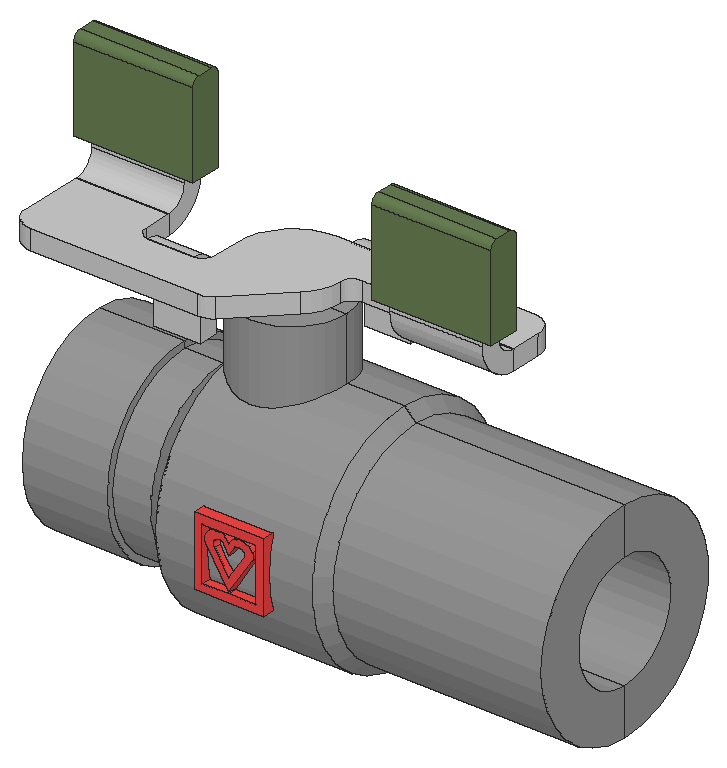
Revit family "Шаровой кран с маховиком бабочка и обратным клапаном 2110", category Rohrzubehör, Revit 2018
Family settings
  Bemaßung runder Anschluss = Durchmesser verwenden
  Teiletyp = Unterbricht
  OmniClass-Nummer = 23.65.55.14
  OmniClass-Titel = Valves for Liquid Services
  Arbeitsebenenbasiert = Nein
  Immer vertikal = Ja
  Beim Laden mit Abzugskörper schneiden = Nein
  Gemeinsam genutzt = Nein
Parameters
  Шпиндель = "латунь в соответствии с EN 12164, CW614N"  # constant formula
  Шар = "штампованная латунь, устойчивая к селективной цинковой коррозии, согласно EN 12165, хромированный полнопроходной шар, CW626N"  # constant formula
  Уплотнение шпинделя = "EPDM"  # constant formula
  Уплотнение шара = "PTFE"  # constant formula
  Среда = "Питьевая вода"  # constant formula
  Рукоятка = "маховик бабочка, цвет - зеленый, оцинкованная сталь"  # constant formula
  Резьба = "согласно  ISO 228"  # constant formula
  Примечание = "В соответствии со статьей 33 Регламента REACH (Registration; Evaluation; Authorisation; Restriction of Chemicals) (EC № 1907/2006) мы обязаны указать, что свинец внесен в список SVHC (Substances of Very High Concern - вещества очень высокой важности) и весовой процент свинца во всех латунных компонентах заводского изготовления в наших изделиях, превышает 0,1 % (w/w) (CAS: 7439-92-1 / EINECS: 231-100-4).\r\nПоскольку свинец является легирующим компонентом сплава, прямое негативное влияние исключается, и поэтому дополнительной информации о безопасном использовании не требуется."
  Область применения = "Шаровой кран с маховиком \"бабочка\" и обратным клапаном применяется в системах питьевого водоснабжения и служит запорным устройством.\r\nКак правило, шаровые краны используются в системах для надежного перекрытия трубопровода.\r\nОбратный клапан гарантирует движение потока только в одном направлении, указанном стрелкой на корпусе крана."
  Номер заказа [instance] = size_lookup("2110_0X_", "Artnr", 0, Nennweite)  # 2211001
  Мин. рабочая температура (вода) = 0.5 °C  # constant formula
  Мин. рабочая температура = -10 °C  # constant formula
  Макс. рабочее давление = 2500000.0 Pa  # constant formula
  Макс. рабочая температура = 85 °C  # constant formula
  Корпус = "штампованная латунь, устойчивая к селективной цинковой коррозии, согласно EN 12165, CW626N"  # constant formula
  W01 = 45.00°  # constant formula
  URL = "www.herz-armaturen.ru"
  SC_NennweiteBerechnet = 0
  SC_Dimension = ""
  SCTWSEQ = "FW;SBT_TYP_FW=\"102\";2"
  SCTWCODE = "04;04;02"  # constant formula
  S04 = 5.000 mm  # constant formula
  S03 [instance] = D04 - 2.000 mm  # 11.500 mm
  S02 [instance] = L01 + 4.500 mm  # 38.500 mm
  S01 [instance] = D04 * 2  # 27.000 mm
  R01 = 7.000 mm  # constant formula
  O-Ring обратного клапана = "силикон"  # constant formula
  Nennweite [instance] = 15.000 mm
  L05 [instance] = size_lookup("2110_0X_", "L5", 1.000 mm, Nennweite)  # 25.000 mm
  L04 [instance] = size_lookup("2110_0X_", "L4", 1.000 mm, Nennweite)  # 27.000 mm
  L03 = 5.000 mm  # constant formula
  L02 [instance] = size_lookup("2110_0X_", "L2", 1.000 mm, Nennweite)  # 11.000 mm
  L01 [instance] = size_lookup("2110_0X_", "L1", 1.000 mm, Nennweite)  # 34.000 mm
  IG [instance] = Nennweite / 2  # 7.500 mm
  Hersteller = "HERZ Armaturen Ges.m.b.H."  # constant formula
  H01 [instance] = size_lookup("2110_0X_", "H1", 1.000 mm, Nennweite)  # 23.000 mm
  Корпус обратного клапана = "POM"  # constant formula
  GT [instance] = size_lookup("2110_0X_", "GT", 1.000 mm, Nennweite)  # 10.000 mm
  DN15-DN20 [instance] = if(Nennweite = 15.000 mm, 42.000 mm, 46.000 mm)  # 42.000 mm
  D04 [instance] = size_lookup("2110_0X_", "D4", 1.000 mm, Nennweite)  # 13.500 mm
  D03 [instance] = size_lookup("2110_0X_", "D3", 1.000 mm, Nennweite)  # 15.000 mm
  D02 [instance] = size_lookup("2110_0X_", "D2", 1.000 mm, Nennweite)  # 11.700 mm
  D01 [instance] = size_lookup("2110_0X_", "D1", 1.000 mm, Nennweite)  # 12.500 mm
Reference planes
  plane 1 "Mitte (Vorne/hinten)": y = 0
  plane 2: z = 0
  plane 3 "Mitte (Links/rechts)": x = 0
Forms (mm)
  Revolve 1, solid, material "Messing, weicher Gelbton, geschweißt", detail levels fine
    sketch origin (0, 0, 0) x (1, 0, 0) y (0, 0, 1)
      loop
        line (-24, 0) -> (24, 0) -> (24, 7.5) -> (34, 7.5) -> (34, 13.5) -> (7, 13.5) -> (5.5, 15) -> (-14.7, 15) -> (-18, 11.7) -> (-23, 11.7) -> (-23, 12.5) -> (-34, 12.5) -> (-34, 7.5) -> (-24, 7.5) -> (-24, 0)
      axis (-34, 0) -> (34, 0)
    angle from 0 to 360
  Revolve 2, solid, material "Messing, weicher Gelbton, geschweißt", detail levels fine
    sketch origin (0, 0, 0) x (1, 0, 0) y (0, 0, 1)
      loop
        line (-5.588, 0) -> (-5.588, 8) -> (-2, 8) -> (-2, 23) -> (-9, 23) -> (-9, 0) -> (-5.588, 0)
      axis (-9, 0) -> (-9, 23)
    angle from 0 to 360
Lines and regions (mm)
  model lines, detail levels coarse+medium
    curve 1: line (-34, 0, 13.5) -> (-34, 0, -13.5)
    curve 2: line (-34, 0, -13.5) -> (4.5, 0, 13.5)
    curve 3: line (4.5, 0, 13.5) -> (4.5, 0, -13.5)
    curve 4: line (4.5, 0, -13.5) -> (-34, 0, 13.5)
    curve 5: circle (-14.75, 0, 0) r 11.5 normal (0, -1, 0)
    curve 6: line (4.5, 0, 13.5) -> (34, 0, -13.5)
    curve 7: line (34, 0, -13.5) -> (34, 0, 13.5)
    curve 8: circle (4.5, 0, 13.5) r 5 normal (0, -1, 0)
    curve 9: line (-34, 13.5, 0) -> (-34, -13.5, 0)
    curve 10: line (-34, -13.5, 0) -> (4.5, 13.5, 0)
    curve 11: line (4.5, 13.5, 0) -> (4.5, -13.5, 0)
    curve 12: line (4.5, -13.5, 0) -> (-34, 13.5, 0)
    curve 13: line (4.5, 13.5, 0) -> (34, -13.5, 0)
    curve 14: line (34, -13.5, 0) -> (34, 13.5, 0)
    curve 15: circle (4.5, 13.5, 0) r 5 normal (0, 0, 1)
    curve 16: circle (-14.75, 0, 0) r 11.5 normal (0, 0, 1)
Dimensions and locks
  "L01": plane 3 "Mitte (Links/rechts)" to Revolve 1 sketch curve
  "L01": Revolve 1 sketch curve to plane 3 "Mitte (Links/rechts)"
  "L02": Revolve 1 sketch curve to Revolve 1 sketch curve
  "L03": Revolve 1 sketch curve to Revolve 1 sketch curve
  "D01": Revolve 1 sketch curve to plane 2
  "D02": Revolve 1 sketch curve to plane 2
  "D03": Revolve 1 sketch curve to plane 2
  "L04": Revolve 1 sketch curve to Revolve 1 sketch curve
  "D04": Revolve 1 sketch curve to plane 2
  "GT": Revolve 1 sketch curve to Revolve 1 sketch curve  (x2)
  "IG": Revolve 1 sketch curve to plane 2  (x2)
  "L05": Revolve 1 to Revolve 2 sketch curve  (x2)
  "H01": Revolve 2 sketch curve to plane 2
  "R01": Revolve 2 sketch curve to Revolve 2 sketch curve
  Revolve 2 sketch curve to plane 2 = 8.000 mm
  equal spacing: Revolve 1, nested 1, Revolve 1
  "D03": nested 1 to plane 1 "Mitte (Vorne/hinten)"
  equal spacing: curve 4, plane 2, curve 2
  "S01": curve 4 to curve 2
  "L01": plane 3 "Mitte (Links/rechts)" to curve 1
  equal spacing: curve 3, plane 2, curve 4
  "S01": curve 4 to curve 3
  "S02": curve 1 to curve 3
  equal spacing: curve 1, curve 5, curve 3
  "S02": curve 1 to curve 8
  "L01": curve 7 to plane 3 "Mitte (Links/rechts)"
  equal spacing: curve 7, plane 2, curve 7
  "S01": curve 7 to curve 7
  equal spacing: curve 10, plane 1 "Mitte (Vorne/hinten)", curve 12
  equal spacing: curve 12, plane 1 "Mitte (Vorne/hinten)", curve 13
  equal spacing: curve 14, plane 1 "Mitte (Vorne/hinten)", curve 14
  "L01": curve 9 to plane 3 "Mitte (Links/rechts)"
  "S02": curve 9 to curve 11
  "S02": curve 9 to curve 15
  "L01": plane 3 "Mitte (Links/rechts)" to curve 14
  "S01": curve 12 to curve 9
  "S01": curve 13 to curve 12
  "S01": curve 14 to curve 14
  equal spacing: curve 9, curve 16, curve 11
  "L05": Revolve 1 to nested 2
  "DN15-DN20": nested 2 to plane 2
  "S03": radius of curve 5
  "S04": radius of curve 8
  "S04": radius of curve 15
  "S03": radius of curve 16
  "W01": angle Revolve 1 sketch curve to Revolve 1 sketch curve  (x2)
  aligned and locked: level to plane 2
Automatic sketch dimensions
  curve 5 to level = 0.000 mm
  curve 8 to curve 2 = 0.000 mm
  plane 1 "Mitte (Vorne/hinten)" to curve 16 = 0.000 mm
  curve 15 to curve 10 = 0.000 mm
  Revolve 1 sketch curve to level = 0.000 mm  (x2)
  Revolve 1 sketch curve to Revolve 1 sketch curve = 1490.843 mm
  Revolve 1 sketch curve to Revolve 1 sketch curve = 1823.461 mm
  Revolve 2 sketch curve to level = 0.000 mm  (x2)
  Revolve 2 sketch curve to Revolve 2 sketch curve = 3.588 mm
  Revolve 2 sketch curve to Revolve 2 sketch curve = 0.000 mm
Nested families
  nested 1: "Herz-Logo-vorne" at (-4.6, -15, 0) x (0, 1, 0) z (0, 0, 1), type "Herz-Logo-vorne", detail levels fine
  nested 2: "Flügelgriff (Grün) DN15-DN20" at (-9, 0, 24), type "Flügelgriff (Grün) DN15-DN20"
Connectors
  piping at (-24, 0, 0), diameter 15, driven by "Nennweite"
    settings: on Revolve 1, index 1, connector inside diameter 609.6 mm, connector length 0.000 mm, flow factor 0, pipe flow 0.0 L/s, pressure drop 0.0 Pa, fitting loss kfactor 0, connector angle 0.00°, fixture units 0, engagement length 0.000 mm, angle of deflection 0.00°, flow configuration 0, flow direction 1, fitting loss method 0, system type 29, joint type 0, gender type 0, connector reference index -1, connector utility 0, adjustable connector no, is connector primary yes, connector description ""
  piping at (24, 0, 0), diameter 15, driven by "Nennweite"
    settings: on Revolve 1, index 2, connector inside diameter 609.6 mm, connector length 0.000 mm, flow factor 0, pipe flow 0.0 L/s, pressure drop 0.0 Pa, fitting loss kfactor 0, connector angle 0.00°, fixture units 0, engagement length 0.000 mm, angle of deflection 0.00°, flow configuration 0, flow direction 2, fitting loss method 0, system type 29, joint type 0, gender type 0, connector reference index -1, connector utility 0, adjustable connector no, is connector primary no, connector description ""
Definition of nested family "Herz-Logo-vorne"
  Reference planes
    plane 1 "Mitte (Vorne/hinten)": y = 0
    plane 2: z = 0
    plane 3 "Mitte (Links/rechts)": x = 0
  Forms (mm)
    Extrusion 1, solid
      sketch origin (0.732, -0.018, 0.017) x (0, -1, 0) y (0, 0, 1)
        loop
          line (-0.018, -4.517) -> (4.482, -4.517) -> (4.482, 4.483) -> (-4.518, 4.483) -> (-4.518, -4.517) -> (-0.018, -4.517)
        loop
          line (-0.05, -3.48) -> (3.482, -3.48) -> (3.482, 3.483) -> (-3.518, 3.483) -> (-3.518, -3.48) -> (-0.05, -3.48)
        loop
          arc (-0.018, 2.383) -> (-1.543, 3.287) -> (-3.067, 2.383) r 1.738
          arc (-3.067, 2.383) -> (-3.191, 1.899) -> (-3.067, 1.415) r 1.009
          line (-3.067, 1.415) -> (-0.018, -3.281) -> (3.032, 1.415)
          arc (3.032, 1.415) -> (3.156, 1.899) -> (3.032, 2.383) r 1.009
          arc (3.032, 2.383) -> (1.507, 3.287) -> (-0.018, 2.383) r 1.738
        loop
          arc (1.885, 1.272) -> (2.005, 1.675) -> (1.885, 2.079) r 0.74
          arc (1.885, 2.079) -> (1.265, 2.416) -> (0.644, 2.079) r 0.74
          line (0.644, 2.079) -> (-0.018, 0.97) -> (-0.679, 2.079)
          arc (-0.679, 2.079) -> (-1.3, 2.416) -> (-1.921, 2.079) r 0.74
          arc (-1.921, 2.079) -> (-2.04, 1.675) -> (-1.921, 1.272) r 0.74
          line (-1.921, 1.272) -> (-0.018, -1.658) -> (1.885, 1.272)
      from 0 to 1.5
  Dimensions and locks
    aligned and locked: level to plane 2
Definition of nested family "Flügelgriff (Grün) DN15-DN20"
  Reference planes
    plane 1 "Mitte (Vorne/hinten)": y = 0
    plane 2: z = 0
    plane 3 "Mitte (Links/rechts)": x = 0
  Forms (mm)
    Extrusion 1, solid, detail levels fine
      sketch origin (0, 0, 0) x (1, 0, 0) y (0, 1, 0)
        loop
          line (-7, 0) -> (-7, -3.8)
          arc (-7, -3.8) -> (-7.439, -4.861) -> (-8.5, -5.3) r 1.5
          line (-8.5, -5.3) -> (-14.5, -5.3)
          arc (-14.5, -5.3) -> (-15.561, -4.861) -> (-16, -3.8) r 1.5
          line (-16, -3.8) -> (-16, 0) -> (-28, 0) -> (-28, -8.1)
          arc (-28, -8.1) -> (-27.121, -10.221) -> (-25, -11.1) r 3
          line (-25, -11.1) -> (-3.453, -11.1)
          arc (-3.453, -11.1) -> (-2.496, -10.91) -> (-1.685, -10.368) r 2.5
          line (-1.685, -10.368) -> (4.443, -4.24)
          arc (4.443, -4.24) -> (5.743, -2.295) -> (6.2, 0) r 6
          arc (6.2, 0) -> (6.64, 1.06) -> (7.7, 1.499) r 1.5
          line (7.7, 1.499) -> (15.1, 1.499)
          arc (15.1, 1.499) -> (16.16, 1.06) -> (16.6, 0) r 1.5
          line (16.6, 0) -> (28.6, 0) -> (28.6, 4)
          arc (28.6, 4) -> (27.721, 6.121) -> (25.6, 7) r 3
          line (25.6, 7) -> (0, 7)
          arc (0, 7) -> (-4.95, 4.95) -> (-7, 0) r 7
      from 0 to 2.5
    Extrusion 2, solid, detail levels fine
      sketch origin (0, 0, 0) x (0, 1, 0) y (0, 0, 1)
        loop
          arc (2.5, 5) -> (1.768, 3.232) -> (0, 2.5) r 2.5
          line (0, 2.5) -> (0, 0)
          arc (0, 0) -> (3.536, 1.464) -> (5, 5) r 5
          line (5, 5) -> (5, 6) -> (2.5, 6) -> (2.5, 5)
      from -28 to -16
    Extrusion 3, solid, detail levels fine
      sketch origin (0, 5.3, 0) x (0, 1, 0) y (0, 0, 1)
        loop
          line (-7.8, 5) -> (-7.8, 6) -> (-10.3, 6) -> (-10.3, 5)
          arc (-10.3, 5) -> (-8.836, 1.464) -> (-5.3, 0) r 5
          line (-5.3, 0) -> (-5.3, 2.5)
          arc (-5.3, 2.5) -> (-7.068, 3.232) -> (-7.8, 5) r 2.5
      from 16.6 to 28.6
    Extrusion 4, solid, detail levels fine
      sketch origin (0, 0, 0) x (0, 1, 0) y (0, 0, 1)
        loop
          line (5.75, 6) -> (5.75, 17.041)
          arc (5.75, 17.041) -> (5.469, 17.719) -> (4.791, 18) r 0.959
          line (4.791, 18) -> (2.773, 18)
          arc (2.773, 18) -> (2.05, 17.7) -> (1.75, 16.977) r 1.023
          line (1.75, 16.977) -> (1.75, 6) -> (5.75, 6)
      from -29.7 to -14.3
    Extrusion 5, solid, detail levels fine
      sketch origin (0, 0, 0) x (0, 1, 0) y (0, 0, 1)
        loop
          line (-5.75, 6) -> (-1.75, 6) -> (-1.75, 17)
          arc (-1.75, 17) -> (-2.043, 17.707) -> (-2.75, 18) r 1
          line (-2.75, 18) -> (-4.75, 18)
          arc (-4.75, 18) -> (-5.457, 17.707) -> (-5.75, 17) r 1
          line (-5.75, 17) -> (-5.75, 6)
      from 30.3 to 14.9
    Extrusion 6, solid, detail levels fine
      sketch origin (0, 0, 0) x (0, 1, 0) y (0, 0, 1)
        loop
          line (9, -2) -> (9, -8) -> (11.5, -8) -> (11.5, -2)
          arc (11.5, -2) -> (10.182, 1.182) -> (7, 2.5) r 4.5
          line (7, 2.5) -> (7, 0)
          arc (7, 0) -> (8.414, -0.586) -> (9, -2) r 2
      from 8.1 to 2.1
    Extrusion 7, solid, detail levels fine
      sketch origin (0, 0, 0) x (0, 1, 0) y (0, 0, 1)
        loop
          line (-4.3, -1) -> (-4.3, -8) -> (-1.8, -8) -> (-1.8, -1)
          arc (-1.8, -1) -> (-2.825, 1.475) -> (-5.3, 2.5) r 3.5
          line (-5.3, 2.5) -> (-5.3, 0)
          arc (-5.3, 0) -> (-4.593, -0.293) -> (-4.3, -1) r 1
      from -14.5 to -8.5
  Dimensions and locks
    aligned and locked: level to plane 2
